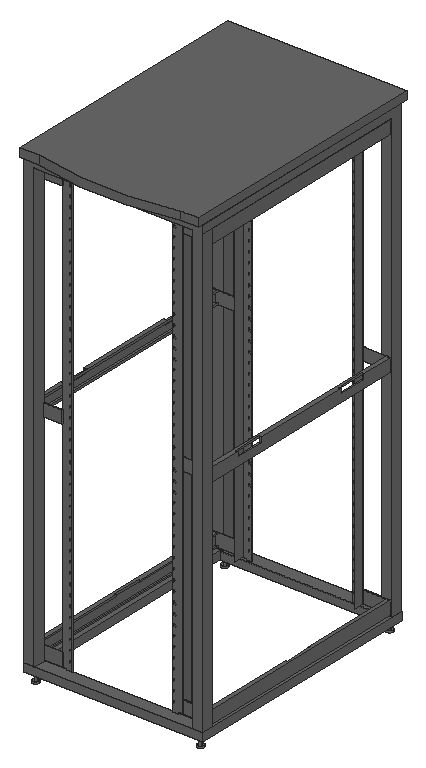
Revit family "V82A-45U-Without Doors-05.04.14", category Electrical Equipment, Revit 2013
Parameters (values of type "V82A-45U")
  Weight = 0.00 lbf
  Visibility Door Right [instance] = and(Side Panel Right, not(Hide Doors))  # no
  Visibility Door Left [instance] = and(Side Panel Left, not(Hide Doors))  # no
  Visibility Door Front [instance] = and(Door Front, not(Hide Doors))  # no
  Visibility Door Back [instance] = and(Door Back, not(Hide Doors))  # no
  Version = ""
  Usable Depth = 1006.00 mm
  U/M = "EA"
  U Space = "45"
  System = "VPOD"
  Side Panel Right = no
  Side Panel Left = no
  Serial Number = ""
  Segment = "CSS"
  Ports = 0
  Mounting rail 45 U = SIEMON STEEL
  Mounting Rail Material = SIEMON STEEL
  Model = "V82A"
  Metal = SIEMON STEEL
  Manufacturer = "SIEMON"
  Lock = ""
  Loaded/Empty = "N/A"
  Item Group = "RACKS"
  Item Class = "1F"
  Hide Doors [instance] = no
  Door Front = no
  Door Construction Side = if(and(Side Panel Right, Side Panel Left), 2, if(and(not(Side Panel Right), not(Side Panel Left)), 0, 1))  # 0
  Door Construction Front = ""
  Door Construction Back = ""
  Door Back = no
  Description = "WARNING: PLEASE RELOAD FAMILY USING THE TYPE CATALOG"
  Color = "BLACK"
  Cabinet Width Overall = 800.00 mm
  Cabinet Height = 2150.00 mm
  Cabinet Depth = 1200.00 mm
Reference planes
  plane 1 "Center (Front/Back)": y = 0
  plane 2: z = 0
  plane 3 "Center (Left/Right)": x = 0
  plane 4: z = 2011.4
  plane 5: z = 1966.95
  plane 6: z = 1922.5
  plane 7: z = 1878.05
  plane 8: z = 1833.6
  plane 9: z = 1789.15
  plane 10: z = 1744.7
  plane 11: z = 1700.25
  plane 12: z = 1655.8
  plane 13: z = 1611.35
  plane 14: z = 1566.9
  plane 15: z = 1522.45
  plane 16: z = 1478
  plane 17: z = 1433.55
  plane 18: z = 1389.1
  plane 19: z = 1344.65
  plane 20: z = 1300.2
  plane 21: z = 1255.75
  plane 22: z = 1211.3
  plane 23: z = 1166.85
  plane 24: z = 1122.4
  plane 25: z = 1077.95
  plane 26: z = 1033.5
  plane 27: z = 989.05
  plane 28: z = 944.6
  plane 29: z = 900.15
  plane 30: z = 855.7
  plane 31: z = 811.25
  plane 32: z = 766.8
  plane 33: z = 722.35
  plane 34: z = 677.9
  plane 35: z = 633.45
  plane 36: z = 589
  plane 37: z = 544.55
  plane 38: z = 500.1
  plane 39: z = 455.65
  plane 40: z = 411.2
  plane 41: z = 366.75
  plane 42: z = 322.3
  plane 43: z = 277.85
  plane 44: z = 233.4
  plane 45: z = 188.95
  plane 46: z = 144.5
  plane 47: z = 100.05
  plane 48: z = 2055.85
Forms (mm)
  Extrusion 1, solid, material "SIEMON STEEL" <- "Mounting rail 45 U"
    sketch origin (-0.234, -15, 10) x (1, 0, 0) y (0, 1, 0)
      loop
        line (501.3, 1185.014) -> (-298.7, 1185.014) -> (-298.7, 75) -> (501.3, 75) -> (501.3, 1185.014)
    from 2067.5 to 2098.45
  Extrusion 2, solid, material "SIEMON STEEL" <- "Mounting rail 45 U"
    sketch origin (-0.106, -90, 10) x (1, 0, 0) y (0, 1, 0)
      loop
        line (454.922, 202.733) -> (454.922, 150) -> (500.922, 150) -> (500.922, 202.733) -> (454.922, 202.733)
      loop
        line (-298.75, 202.733) -> (-298.75, 150) -> (-252.75, 150) -> (-252.75, 202.733) -> (-298.75, 202.733)
      loop
        line (501.172, 1207.872) -> (501.172, 1260) -> (455.163, 1260) -> (455.163, 1207.872) -> (501.172, 1207.872)
      loop
        line (-298.75, 1207.872) -> (-252.75, 1207.872) -> (-252.75, 1260) -> (-298.75, 1260) -> (-298.75, 1207.872)
    from 65.3 to 2067.5
  Extrusion 3, solid, material "SIEMON STEEL" <- "Mounting Rail Material"
    sketch origin (0.02, 0, 10) x (1, 0, 0) y (0, 1, 0)
      loop
        line (-298.72, 1170.014) -> (-298.72, 60) -> (501.366, 60) -> (501.366, 1170.014) -> (-298.72, 1170.014)
      loop
        line (-265, 1113.302) -> (-265, 116.7) -> (465, 116.7) -> (465, 1113.302) -> (-265, 1113.302)
    from 29.931 to 65.3
  Extrusion 4, solid, material "Cold rolled steel (CRS)", detail levels medium+fine
    sketch origin (179.665, 751.701, 0) x (1, 0, 0) y (0, 1, 0)
      loop
        circle (289.695, 392.503) r 15
    from 0 to 5.027
  Extrusion 5, solid
    sketch origin (319.561, 203.75, 0) x (1, 0, 0) y (0, 1, 0)
      loop
        circle (149.594, 940.281) r 6
    from 5.027 to 39.931
  Extrusion 6, solid, material "Cold rolled steel (CRS)", detail levels medium+fine
    sketch origin (759.046, 480.196, 0) x (-1, 0, 0) y (0, -1, 0)
      loop
        circle (289.695, 392.503) r 15
    from 0 to 5.027
  Extrusion 7, solid
    sketch origin (618.75, 1028.147, -0.001) x (-1, 0, 0) y (0, -1, 0)
      loop
        circle (149.594, 940.281) r 6
    from 5.028 to 39.931
  Extrusion 8, solid, material "SIEMON STEEL"
    sketch origin (0, -0.108, 10) x (1, 0, 0) y (0, 1, 0)
      loop
        line (-298.7, 37.656) -> (-214.7, 37.656)
        arc (-214.7, 37.656) -> (101.3, 0.156) -> (417.3, 37.656) r 1350.163
        line (417.3, 37.656) -> (501.3, 37.656) -> (501.3, 1200.156) -> (-298.7, 1200.156) -> (-298.7, 37.656)
    from 2102.5 to 2140
  Extrusion 9, solid, material "Cold rolled steel (CRS)", detail levels medium+fine
    sketch origin (23.022, 751.701, 0) x (-1, 0, 0) y (0, -1, 0)
      loop
        circle (289.695, -392.503) r 15
    from 0 to 5.027
  Extrusion 10, solid
    sketch origin (-116.874, 203.75, 0) x (-1, 0, 0) y (0, -1, 0)
      loop
        circle (149.594, -940.281) r 6
    from 5.027 to 39.931
  Extrusion 11, solid, material "Cold rolled steel (CRS)", detail levels medium+fine
    sketch origin (-556.36, 480.196, 0) x (1, 0, 0) y (0, 1, 0)
      loop
        circle (289.695, -392.503) r 15
    from 0 to 5.027
  Extrusion 12, solid
    sketch origin (-416.064, 1028.147, -0.001) x (1, 0, 0) y (0, 1, 0)
      loop
        circle (149.594, -940.281) r 6
    from 5.028 to 39.931
Cuts and joins
  joined: Extrusion 1, Extrusion 2
Lines and regions (mm)
  symbolic lines, detail levels fine
    curve 1: line (256.65, 1060, 61.35) -> (256.65, 1060, 65.3)
  model lines, detail levels coarse+fine
    curve 2: line (330.642, 819.199, 2152.227) -> (-126.77, 819.199, 2152.227)
    curve 3: line (334.645, 815.196, 2152.227) -> (330.642, 819.199, 2152.227)
    curve 4: circle (-51.247, 805.781, 2152.227) r 6.221 normal (0, 0, 1)
    curve 5: circle (259.43, 805.781, 2152.227) r 6.221 normal (0, 0, 1)
    curve 6: line (330.642, 653.922, 2152.227) -> (-126.77, 653.922, 2152.227)
    curve 7: line (-126.77, 653.922, 2152.227) -> (-130.773, 657.924, 2152.227)
    curve 8: line (-130.773, 657.924, 2152.227) -> (-130.773, 815.196, 2152.227)
    curve 9: line (334.645, 815.196, 2152.227) -> (334.645, 657.924, 2152.227)
    curve 10: line (334.645, 657.924, 2152.227) -> (330.642, 653.922, 2152.227)
    curve 11: circle (-51.247, 667.34, 2152.227) r 6.221 normal (0, 0, -1)
    curve 12: circle (259.43, 667.34, 2152.227) r 6.221 normal (0, 0, -1)
    curve 13: line (-130.773, 815.196, 2152.227) -> (-126.77, 819.199, 2152.227)
    curve 14: line (-187.208, 673.705, 2152.227) -> (-187.208, 1053.705, 2152.227)
    curve 15: line (-255.64, 1053.705, 2152.227) -> (-255.64, 673.705, 2152.227)
    curve 16: line (-252.64, 1053.705, 2152.227) -> (-252.64, 673.705, 2152.227)
    curve 17: line (-190.208, 673.705, 2152.227) -> (-190.208, 1053.705, 2152.227)
    curve 18: line (330.642, 628.887, 2152.227) -> (-126.77, 628.887, 2152.227)
    curve 19: line (334.645, 624.884, 2152.227) -> (330.642, 628.887, 2152.227)
    curve 20: circle (-51.247, 615.469, 2152.227) r 6.221 normal (0, 0, 1)
    curve 21: circle (259.43, 615.469, 2152.227) r 6.221 normal (0, 0, 1)
    curve 22: line (330.642, 463.609, 2152.227) -> (-126.77, 463.609, 2152.227)
    curve 23: line (-126.77, 463.609, 2152.227) -> (-130.773, 467.612, 2152.227)
    curve 24: line (-130.773, 467.612, 2152.227) -> (-130.773, 624.884, 2152.227)
    curve 25: line (334.645, 624.884, 2152.227) -> (334.645, 467.612, 2152.227)
    curve 26: line (334.645, 467.612, 2152.227) -> (330.642, 463.609, 2152.227)
    curve 27: circle (-51.247, 477.027, 2152.227) r 6.221 normal (0, 0, -1)
    curve 28: circle (259.43, 477.027, 2152.227) r 6.221 normal (0, 0, -1)
    curve 29: line (-130.773, 624.884, 2152.227) -> (-126.77, 628.887, 2152.227)
    curve 30: line (330.642, 281.699, 2152.227) -> (-126.77, 281.699, 2152.227)
    curve 31: line (334.645, 277.696, 2152.227) -> (330.642, 281.699, 2152.227)
    curve 32: circle (-51.247, 268.281, 2152.227) r 6.221 normal (0, 0, 1)
    curve 33: circle (259.43, 268.281, 2152.227) r 6.221 normal (0, 0, 1)
    curve 34: line (330.642, 116.422, 2152.227) -> (-126.77, 116.422, 2152.227)
    curve 35: line (-126.77, 116.422, 2152.227) -> (-130.773, 120.424, 2152.227)
    curve 36: line (-130.773, 120.424, 2152.227) -> (-130.773, 277.696, 2152.227)
    curve 37: line (334.645, 277.696, 2152.227) -> (334.645, 120.424, 2152.227)
    curve 38: line (334.645, 120.424, 2152.227) -> (330.642, 116.422, 2152.227)
    curve 39: circle (-51.247, 129.84, 2152.227) r 6.221 normal (0, 0, -1)
    curve 40: circle (259.43, 129.84, 2152.227) r 6.221 normal (0, 0, -1)
    curve 41: line (-130.773, 277.696, 2152.227) -> (-126.77, 281.699, 2152.227)
    curve 46: circle (-221.831, 1093.281, 2152.227) r 6.221 normal (0, 0, -1)
    curve 347: line (330.642, 1076.851, 2152.227) -> (-126.77, 1076.851, 2152.227)
    curve 348: line (334.645, 1072.849, 2152.227) -> (330.642, 1076.851, 2152.227)
    curve 349: circle (-51.247, 1063.433, 2152.227) r 6.221 normal (0, 0, 1)
    curve 350: circle (259.43, 1063.433, 2152.227) r 6.221 normal (0, 0, 1)
    curve 351: line (330.642, 911.574, 2152.227) -> (-126.77, 911.574, 2152.227)
    curve 352: line (-126.77, 911.574, 2152.227) -> (-130.773, 915.577, 2152.227)
    curve 353: line (-130.773, 915.577, 2152.227) -> (-130.773, 1072.849, 2152.227)
    curve 354: line (334.645, 1072.849, 2152.227) -> (334.645, 915.577, 2152.227)
    curve 355: line (334.645, 915.577, 2152.227) -> (330.642, 911.574, 2152.227)
    curve 356: circle (-51.247, 924.992, 2152.227) r 6.221 normal (0, 0, -1)
    curve 357: circle (259.43, 924.992, 2152.227) r 6.221 normal (0, 0, -1)
    curve 358: line (-130.773, 1072.849, 2152.227) -> (-126.77, 1076.851, 2152.227)
    curve 367: circle (-221.831, 174.316, 2152.227) r 6.221 normal (0, 0, 1)
    curve 440: line (389.808, 673.705, 2152.227) -> (389.808, 1053.705, 2152.227)
    curve 441: line (458.239, 1053.705, 2152.227) -> (458.239, 673.705, 2152.227)
    curve 442: line (455.239, 1053.705, 2152.227) -> (455.239, 673.705, 2152.227)
    curve 443: line (392.808, 673.705, 2152.227) -> (392.808, 1053.705, 2152.227)
    curve 448: circle (424.43, 1093.281, 2152.227) r 6.221 normal (0, 0, 1)
    curve 749: circle (424.43, 174.316, 2152.227) r 6.221 normal (0, 0, -1)
    curve 822: line (-187.208, 215.376, 2152.227) -> (-187.208, 595.376, 2152.227)
    curve 823: line (-255.64, 595.376, 2152.227) -> (-255.64, 215.376, 2152.227)
    curve 824: line (-252.64, 595.376, 2152.227) -> (-252.64, 215.376, 2152.227)
    curve 825: line (-190.208, 215.376, 2152.227) -> (-190.208, 595.376, 2152.227)
    curve 830: circle (-221.831, 634.952, 2152.227) r 6.221 normal (0, 0, -1)
    curve 831: line (389.808, 215.376, 2152.227) -> (389.808, 595.376, 2152.227)
    curve 832: line (458.239, 595.376, 2152.227) -> (458.239, 215.376, 2152.227)
    curve 833: line (455.239, 595.376, 2152.227) -> (455.239, 215.376, 2152.227)
    curve 834: line (392.808, 215.376, 2152.227) -> (392.808, 595.376, 2152.227)
    curve 839: circle (424.43, 634.952, 2152.227) r 6.221 normal (0, 0, 1)
  model lines
    curve 42: arc (-255.64, 1053.705, 2152.227) -> (-221.424, 1080.132, 2152.227) -> (-187.208, 1053.705, 2152.227) r 35.364
    curve 43: arc (-252.64, 1053.705, 2152.227) -> (-221.424, 1077.116, 2152.227) -> (-190.208, 1053.705, 2152.227) r 32.517
    curve 44: arc (-255.64, 673.705, 2152.227) -> (-221.424, 647.278, 2152.227) -> (-187.208, 673.705, 2152.227) r 35.364
    curve 45: arc (-252.64, 673.705, 2152.227) -> (-221.424, 650.294, 2152.227) -> (-190.208, 673.705, 2152.227) r 32.517
    curve 47: line (-268.89, 936.074, 2152.227) -> (-268.89, 939.074, 2152.227)
    curve 48: line (-268.89, 939.074, 2152.227) -> (-272.89, 939.074, 2152.227)
    curve 49: line (-272.89, 939.074, 2152.227) -> (-272.89, 941.074, 2152.227)
    curve 50: line (-272.89, 941.074, 2152.227) -> (-278.89, 941.074, 2152.227)
    curve 51: line (-282.89, 936.074, 2152.227) -> (-282.89, 939.074, 2152.227)
    curve 52: line (-282.89, 939.074, 2152.227) -> (-278.89, 939.074, 2152.227)
    curve 53: line (-278.89, 939.074, 2152.227) -> (-278.89, 941.074, 2152.227)
    curve 54: line (-268.89, 936.074, 2152.227) -> (-272.89, 936.074, 2152.227)
    curve 55: line (-272.89, 936.074, 2152.227) -> (-272.89, 934.074, 2152.227)
    curve 56: line (-272.89, 934.074, 2152.227) -> (-278.89, 934.074, 2152.227)
    curve 57: line (-282.89, 936.074, 2152.227) -> (-278.89, 936.074, 2152.227)
    curve 58: line (-278.89, 936.074, 2152.227) -> (-278.89, 934.074, 2152.227)
    curve 59: line (-268.89, 905.074, 2152.227) -> (-268.89, 902.074, 2152.227)
    curve 60: line (-268.89, 902.074, 2152.227) -> (-272.89, 902.074, 2152.227)
    curve 61: line (-272.89, 902.074, 2152.227) -> (-272.89, 900.074, 2152.227)
    curve 62: line (-272.89, 900.074, 2152.227) -> (-278.89, 900.074, 2152.227)
    curve 63: line (-282.89, 905.074, 2152.227) -> (-282.89, 902.074, 2152.227)
    curve 64: line (-282.89, 902.074, 2152.227) -> (-278.89, 902.074, 2152.227)
    curve 65: line (-278.89, 902.074, 2152.227) -> (-278.89, 900.074, 2152.227)
    curve 66: line (-268.89, 905.074, 2152.227) -> (-272.89, 905.074, 2152.227)
    curve 67: line (-272.89, 905.074, 2152.227) -> (-272.89, 907.074, 2152.227)
    curve 68: line (-272.89, 907.074, 2152.227) -> (-278.89, 907.074, 2152.227)
    curve 69: line (-282.89, 905.074, 2152.227) -> (-278.89, 905.074, 2152.227)
    curve 70: line (-278.89, 905.074, 2152.227) -> (-278.89, 907.074, 2152.227)
    curve 71: line (-268.89, 868.074, 2152.227) -> (-268.89, 871.074, 2152.227)
    curve 72: line (-268.89, 871.074, 2152.227) -> (-272.89, 871.074, 2152.227)
    curve 73: line (-272.89, 871.074, 2152.227) -> (-272.89, 873.074, 2152.227)
    curve 74: line (-272.89, 873.074, 2152.227) -> (-278.89, 873.074, 2152.227)
    curve 75: line (-282.89, 868.074, 2152.227) -> (-282.89, 871.074, 2152.227)
    curve 76: line (-282.89, 871.074, 2152.227) -> (-278.89, 871.074, 2152.227)
    curve 77: line (-278.89, 871.074, 2152.227) -> (-278.89, 873.074, 2152.227)
    curve 78: line (-268.89, 868.074, 2152.227) -> (-272.89, 868.074, 2152.227)
    curve 79: line (-272.89, 868.074, 2152.227) -> (-272.89, 866.074, 2152.227)
    curve 80: line (-272.89, 866.074, 2152.227) -> (-278.89, 866.074, 2152.227)
    curve 81: line (-282.89, 868.074, 2152.227) -> (-278.89, 868.074, 2152.227)
    curve 82: line (-278.89, 868.074, 2152.227) -> (-278.89, 866.074, 2152.227)
    curve 83: line (-268.89, 800.074, 2152.227) -> (-268.89, 803.074, 2152.227)
    curve 84: line (-268.89, 803.074, 2152.227) -> (-272.89, 803.074, 2152.227)
    curve 85: line (-272.89, 803.074, 2152.227) -> (-272.89, 805.074, 2152.227)
    curve 86: line (-272.89, 805.074, 2152.227) -> (-278.89, 805.074, 2152.227)
    curve 87: line (-282.89, 800.074, 2152.227) -> (-282.89, 803.074, 2152.227)
    curve 88: line (-282.89, 803.074, 2152.227) -> (-278.89, 803.074, 2152.227)
    curve 89: line (-278.89, 803.074, 2152.227) -> (-278.89, 805.074, 2152.227)
    curve 90: line (-268.89, 800.074, 2152.227) -> (-272.89, 800.074, 2152.227)
    curve 91: line (-272.89, 800.074, 2152.227) -> (-272.89, 798.074, 2152.227)
    curve 92: line (-272.89, 798.074, 2152.227) -> (-278.89, 798.074, 2152.227)
    curve 93: line (-282.89, 800.074, 2152.227) -> (-278.89, 800.074, 2152.227)
    curve 94: line (-278.89, 800.074, 2152.227) -> (-278.89, 798.074, 2152.227)
    curve 95: line (-268.89, 837.074, 2152.227) -> (-268.89, 834.074, 2152.227)
    curve 96: line (-268.89, 834.074, 2152.227) -> (-272.89, 834.074, 2152.227)
    curve 97: line (-272.89, 834.074, 2152.227) -> (-272.89, 832.074, 2152.227)
    curve 98: line (-272.89, 832.074, 2152.227) -> (-278.89, 832.074, 2152.227)
    curve 99: line (-282.89, 837.074, 2152.227) -> (-282.89, 834.074, 2152.227)
    curve 100: line (-282.89, 834.074, 2152.227) -> (-278.89, 834.074, 2152.227)
    curve 101: line (-278.89, 834.074, 2152.227) -> (-278.89, 832.074, 2152.227)
    curve 102: line (-268.89, 837.074, 2152.227) -> (-272.89, 837.074, 2152.227)
    curve 103: line (-272.89, 837.074, 2152.227) -> (-272.89, 839.074, 2152.227)
    curve 104: line (-272.89, 839.074, 2152.227) -> (-278.89, 839.074, 2152.227)
    curve 105: line (-282.89, 837.074, 2152.227) -> (-278.89, 837.074, 2152.227)
    curve 106: line (-278.89, 837.074, 2152.227) -> (-278.89, 839.074, 2152.227)
    curve 107: line (-268.89, 701.074, 2152.227) -> (-268.89, 698.074, 2152.227)
    curve 108: line (-268.89, 698.074, 2152.227) -> (-272.89, 698.074, 2152.227)
    curve 109: line (-272.89, 698.074, 2152.227) -> (-272.89, 696.074, 2152.227)
    curve 110: line (-272.89, 696.074, 2152.227) -> (-278.89, 696.074, 2152.227)
    curve 111: line (-282.89, 701.074, 2152.227) -> (-282.89, 698.074, 2152.227)
    curve 112: line (-282.89, 698.074, 2152.227) -> (-278.89, 698.074, 2152.227)
    curve 113: line (-278.89, 698.074, 2152.227) -> (-278.89, 696.074, 2152.227)
    curve 114: line (-268.89, 701.074, 2152.227) -> (-272.89, 701.074, 2152.227)
    curve 115: line (-272.89, 701.074, 2152.227) -> (-272.89, 703.074, 2152.227)
    curve 116: line (-272.89, 703.074, 2152.227) -> (-278.89, 703.074, 2152.227)
    curve 117: line (-282.89, 701.074, 2152.227) -> (-278.89, 701.074, 2152.227)
    curve 118: line (-278.89, 701.074, 2152.227) -> (-278.89, 703.074, 2152.227)
    curve 119: line (-268.89, 769.074, 2152.227) -> (-268.89, 766.074, 2152.227)
    curve 120: line (-268.89, 766.074, 2152.227) -> (-272.89, 766.074, 2152.227)
    curve 121: line (-272.89, 766.074, 2152.227) -> (-272.89, 764.074, 2152.227)
    curve 122: line (-272.89, 764.074, 2152.227) -> (-278.89, 764.074, 2152.227)
    curve 123: line (-282.89, 769.074, 2152.227) -> (-282.89, 766.074, 2152.227)
    curve 124: line (-282.89, 766.074, 2152.227) -> (-278.89, 766.074, 2152.227)
    curve 125: line (-278.89, 766.074, 2152.227) -> (-278.89, 764.074, 2152.227)
    curve 126: line (-268.89, 769.074, 2152.227) -> (-272.89, 769.074, 2152.227)
    curve 127: line (-272.89, 769.074, 2152.227) -> (-272.89, 771.074, 2152.227)
    curve 128: line (-272.89, 771.074, 2152.227) -> (-278.89, 771.074, 2152.227)
    curve 129: line (-282.89, 769.074, 2152.227) -> (-278.89, 769.074, 2152.227)
    curve 130: line (-278.89, 769.074, 2152.227) -> (-278.89, 771.074, 2152.227)
    curve 131: line (-268.89, 732.074, 2152.227) -> (-268.89, 735.074, 2152.227)
    curve 132: line (-268.89, 735.074, 2152.227) -> (-272.89, 735.074, 2152.227)
    curve 133: line (-272.89, 735.074, 2152.227) -> (-272.89, 737.074, 2152.227)
    curve 134: line (-272.89, 737.074, 2152.227) -> (-278.89, 737.074, 2152.227)
    curve 135: line (-282.89, 732.074, 2152.227) -> (-282.89, 735.074, 2152.227)
    curve 136: line (-282.89, 735.074, 2152.227) -> (-278.89, 735.074, 2152.227)
    curve 137: line (-278.89, 735.074, 2152.227) -> (-278.89, 737.074, 2152.227)
    curve 138: line (-268.89, 732.074, 2152.227) -> (-272.89, 732.074, 2152.227)
    curve 139: line (-272.89, 732.074, 2152.227) -> (-272.89, 730.074, 2152.227)
    curve 140: line (-272.89, 730.074, 2152.227) -> (-278.89, 730.074, 2152.227)
    curve 141: line (-282.89, 732.074, 2152.227) -> (-278.89, 732.074, 2152.227)
    curve 142: line (-278.89, 732.074, 2152.227) -> (-278.89, 730.074, 2152.227)
    curve 143: line (-268.89, 460.074, 2152.227) -> (-268.89, 463.074, 2152.227)
    curve 144: line (-268.89, 463.074, 2152.227) -> (-272.89, 463.074, 2152.227)
    curve 145: line (-272.89, 463.074, 2152.227) -> (-272.89, 465.074, 2152.227)
    curve 146: line (-272.89, 465.074, 2152.227) -> (-278.89, 465.074, 2152.227)
    curve 147: line (-282.89, 460.074, 2152.227) -> (-282.89, 463.074, 2152.227)
    curve 148: line (-282.89, 463.074, 2152.227) -> (-278.89, 463.074, 2152.227)
    curve 149: line (-278.89, 463.074, 2152.227) -> (-278.89, 465.074, 2152.227)
    curve 150: line (-268.89, 460.074, 2152.227) -> (-272.89, 460.074, 2152.227)
    curve 151: line (-272.89, 460.074, 2152.227) -> (-272.89, 458.074, 2152.227)
    curve 152: line (-272.89, 458.074, 2152.227) -> (-278.89, 458.074, 2152.227)
    curve 153: line (-282.89, 460.074, 2152.227) -> (-278.89, 460.074, 2152.227)
    curve 154: line (-278.89, 460.074, 2152.227) -> (-278.89, 458.074, 2152.227)
    curve 155: line (-268.89, 497.074, 2152.227) -> (-268.89, 494.074, 2152.227)
    curve 156: line (-268.89, 494.074, 2152.227) -> (-272.89, 494.074, 2152.227)
    curve 157: line (-272.89, 494.074, 2152.227) -> (-272.89, 492.074, 2152.227)
    curve 158: line (-272.89, 492.074, 2152.227) -> (-278.89, 492.074, 2152.227)
    curve 159: line (-282.89, 497.074, 2152.227) -> (-282.89, 494.074, 2152.227)
    curve 160: line (-282.89, 494.074, 2152.227) -> (-278.89, 494.074, 2152.227)
    curve 161: line (-278.89, 494.074, 2152.227) -> (-278.89, 492.074, 2152.227)
    curve 162: line (-268.89, 497.074, 2152.227) -> (-272.89, 497.074, 2152.227)
    curve 163: line (-272.89, 497.074, 2152.227) -> (-272.89, 499.074, 2152.227)
    curve 164: line (-272.89, 499.074, 2152.227) -> (-278.89, 499.074, 2152.227)
    curve 165: line (-282.89, 497.074, 2152.227) -> (-278.89, 497.074, 2152.227)
    curve 166: line (-278.89, 497.074, 2152.227) -> (-278.89, 499.074, 2152.227)
    curve 167: line (-268.89, 565.074, 2152.227) -> (-268.89, 562.074, 2152.227)
    curve 168: line (-268.89, 562.074, 2152.227) -> (-272.89, 562.074, 2152.227)
    curve 169: line (-272.89, 562.074, 2152.227) -> (-272.89, 560.074, 2152.227)
    curve 170: line (-272.89, 560.074, 2152.227) -> (-278.89, 560.074, 2152.227)
    curve 171: line (-282.89, 565.074, 2152.227) -> (-282.89, 562.074, 2152.227)
    curve 172: line (-282.89, 562.074, 2152.227) -> (-278.89, 562.074, 2152.227)
    curve 173: line (-278.89, 562.074, 2152.227) -> (-278.89, 560.074, 2152.227)
    curve 174: line (-268.89, 565.074, 2152.227) -> (-272.89, 565.074, 2152.227)
    curve 175: line (-272.89, 565.074, 2152.227) -> (-272.89, 567.074, 2152.227)
    curve 176: line (-272.89, 567.074, 2152.227) -> (-278.89, 567.074, 2152.227)
    curve 177: line (-282.89, 565.074, 2152.227) -> (-278.89, 565.074, 2152.227)
    curve 178: line (-278.89, 565.074, 2152.227) -> (-278.89, 567.074, 2152.227)
    curve 179: line (-268.89, 528.074, 2152.227) -> (-268.89, 531.074, 2152.227)
    curve 180: line (-268.89, 531.074, 2152.227) -> (-272.89, 531.074, 2152.227)
    curve 181: line (-272.89, 531.074, 2152.227) -> (-272.89, 533.074, 2152.227)
    curve 182: line (-272.89, 533.074, 2152.227) -> (-278.89, 533.074, 2152.227)
    curve 183: line (-282.89, 528.074, 2152.227) -> (-282.89, 531.074, 2152.227)
    curve 184: line (-282.89, 531.074, 2152.227) -> (-278.89, 531.074, 2152.227)
    curve 185: line (-278.89, 531.074, 2152.227) -> (-278.89, 533.074, 2152.227)
    curve 186: line (-268.89, 528.074, 2152.227) -> (-272.89, 528.074, 2152.227)
    curve 187: line (-272.89, 528.074, 2152.227) -> (-272.89, 526.074, 2152.227)
    curve 188: line (-272.89, 526.074, 2152.227) -> (-278.89, 526.074, 2152.227)
    curve 189: line (-282.89, 528.074, 2152.227) -> (-278.89, 528.074, 2152.227)
    curve 190: line (-278.89, 528.074, 2152.227) -> (-278.89, 526.074, 2152.227)
    curve 191: line (-268.89, 664.074, 2152.227) -> (-268.89, 667.074, 2152.227)
    curve 192: line (-268.89, 667.074, 2152.227) -> (-272.89, 667.074, 2152.227)
    curve 193: line (-272.89, 667.074, 2152.227) -> (-272.89, 669.074, 2152.227)
    curve 194: line (-272.89, 669.074, 2152.227) -> (-278.89, 669.074, 2152.227)
    curve 195: line (-282.89, 664.074, 2152.227) -> (-282.89, 667.074, 2152.227)
    curve 196: line (-282.89, 667.074, 2152.227) -> (-278.89, 667.074, 2152.227)
    curve 197: line (-278.89, 667.074, 2152.227) -> (-278.89, 669.074, 2152.227)
    curve 198: line (-268.89, 664.074, 2152.227) -> (-272.89, 664.074, 2152.227)
    curve 199: line (-272.89, 664.074, 2152.227) -> (-272.89, 662.074, 2152.227)
    curve 200: line (-272.89, 662.074, 2152.227) -> (-278.89, 662.074, 2152.227)
    curve 201: line (-282.89, 664.074, 2152.227) -> (-278.89, 664.074, 2152.227)
    curve 202: line (-278.89, 664.074, 2152.227) -> (-278.89, 662.074, 2152.227)
    curve 203: line (-268.89, 596.074, 2152.227) -> (-268.89, 599.074, 2152.227)
    curve 204: line (-268.89, 599.074, 2152.227) -> (-272.89, 599.074, 2152.227)
    curve 205: line (-272.89, 599.074, 2152.227) -> (-272.89, 601.074, 2152.227)
    curve 206: line (-272.89, 601.074, 2152.227) -> (-278.89, 601.074, 2152.227)
    curve 207: line (-282.89, 596.074, 2152.227) -> (-282.89, 599.074, 2152.227)
    curve 208: line (-282.89, 599.074, 2152.227) -> (-278.89, 599.074, 2152.227)
    curve 209: line (-278.89, 599.074, 2152.227) -> (-278.89, 601.074, 2152.227)
    curve 210: line (-268.89, 596.074, 2152.227) -> (-272.89, 596.074, 2152.227)
    curve 211: line (-272.89, 596.074, 2152.227) -> (-272.89, 594.074, 2152.227)
    curve 212: line (-272.89, 594.074, 2152.227) -> (-278.89, 594.074, 2152.227)
    curve 213: line (-282.89, 596.074, 2152.227) -> (-278.89, 596.074, 2152.227)
    curve 214: line (-278.89, 596.074, 2152.227) -> (-278.89, 594.074, 2152.227)
    curve 215: line (-268.89, 633.074, 2152.227) -> (-268.89, 630.074, 2152.227)
    curve 216: line (-268.89, 630.074, 2152.227) -> (-272.89, 630.074, 2152.227)
    curve 217: line (-272.89, 630.074, 2152.227) -> (-272.89, 628.074, 2152.227)
    curve 218: line (-272.89, 628.074, 2152.227) -> (-278.89, 628.074, 2152.227)
    curve 219: line (-282.89, 633.074, 2152.227) -> (-282.89, 630.074, 2152.227)
    curve 220: line (-282.89, 630.074, 2152.227) -> (-278.89, 630.074, 2152.227)
    curve 221: line (-278.89, 630.074, 2152.227) -> (-278.89, 628.074, 2152.227)
    curve 222: line (-268.89, 633.074, 2152.227) -> (-272.89, 633.074, 2152.227)
    curve 223: line (-272.89, 633.074, 2152.227) -> (-272.89, 635.074, 2152.227)
    curve 224: line (-272.89, 635.074, 2152.227) -> (-278.89, 635.074, 2152.227)
    curve 225: line (-282.89, 633.074, 2152.227) -> (-278.89, 633.074, 2152.227)
    curve 226: line (-278.89, 633.074, 2152.227) -> (-278.89, 635.074, 2152.227)
    curve 227: line (-268.89, 188.074, 2152.227) -> (-268.89, 191.074, 2152.227)
    curve 228: line (-268.89, 191.074, 2152.227) -> (-272.89, 191.074, 2152.227)
    curve 229: line (-272.89, 191.074, 2152.227) -> (-272.89, 193.074, 2152.227)
    curve 230: line (-272.89, 193.074, 2152.227) -> (-278.89, 193.074, 2152.227)
    curve 231: line (-282.89, 188.074, 2152.227) -> (-282.89, 191.074, 2152.227)
    curve 232: line (-282.89, 191.074, 2152.227) -> (-278.89, 191.074, 2152.227)
    curve 233: line (-278.89, 191.074, 2152.227) -> (-278.89, 193.074, 2152.227)
    curve 234: line (-268.89, 188.074, 2152.227) -> (-272.89, 188.074, 2152.227)
    curve 235: line (-272.89, 188.074, 2152.227) -> (-272.89, 186.074, 2152.227)
    curve 236: line (-272.89, 186.074, 2152.227) -> (-278.89, 186.074, 2152.227)
    curve 237: line (-282.89, 188.074, 2152.227) -> (-278.89, 188.074, 2152.227)
    curve 238: line (-278.89, 188.074, 2152.227) -> (-278.89, 186.074, 2152.227)
    curve 239: line (-268.89, 120.074, 2152.227) -> (-268.89, 123.074, 2152.227)
    curve 240: line (-268.89, 123.074, 2152.227) -> (-272.89, 123.074, 2152.227)
    curve 241: line (-272.89, 123.074, 2152.227) -> (-272.89, 125.074, 2152.227)
    curve 242: line (-272.89, 125.074, 2152.227) -> (-278.89, 125.074, 2152.227)
    curve 243: line (-282.89, 120.074, 2152.227) -> (-282.89, 123.074, 2152.227)
    curve 244: line (-282.89, 123.074, 2152.227) -> (-278.89, 123.074, 2152.227)
    curve 245: line (-278.89, 123.074, 2152.227) -> (-278.89, 125.074, 2152.227)
    curve 246: line (-268.89, 120.074, 2152.227) -> (-272.89, 120.074, 2152.227)
    curve 247: line (-272.89, 120.074, 2152.227) -> (-272.89, 118.074, 2152.227)
    curve 248: line (-272.89, 118.074, 2152.227) -> (-278.89, 118.074, 2152.227)
    curve 249: line (-282.89, 120.074, 2152.227) -> (-278.89, 120.074, 2152.227)
    curve 250: line (-278.89, 120.074, 2152.227) -> (-278.89, 118.074, 2152.227)
    curve 251: line (-268.89, 157.074, 2152.227) -> (-268.89, 154.074, 2152.227)
    curve 252: line (-268.89, 154.074, 2152.227) -> (-272.89, 154.074, 2152.227)
    curve 253: line (-272.89, 154.074, 2152.227) -> (-272.89, 152.074, 2152.227)
    curve 254: line (-272.89, 152.074, 2152.227) -> (-278.89, 152.074, 2152.227)
    curve 255: line (-282.89, 157.074, 2152.227) -> (-282.89, 154.074, 2152.227)
    curve 256: line (-282.89, 154.074, 2152.227) -> (-278.89, 154.074, 2152.227)
    curve 257: line (-278.89, 154.074, 2152.227) -> (-278.89, 152.074, 2152.227)
    curve 258: line (-268.89, 157.074, 2152.227) -> (-272.89, 157.074, 2152.227)
    curve 259: line (-272.89, 157.074, 2152.227) -> (-272.89, 159.074, 2152.227)
    curve 260: line (-272.89, 159.074, 2152.227) -> (-278.89, 159.074, 2152.227)
    curve 261: line (-282.89, 157.074, 2152.227) -> (-278.89, 157.074, 2152.227)
    curve 262: line (-278.89, 157.074, 2152.227) -> (-278.89, 159.074, 2152.227)
    curve 263: line (-268.89, 429.074, 2152.227) -> (-268.89, 426.074, 2152.227)
    curve 264: line (-268.89, 426.074, 2152.227) -> (-272.89, 426.074, 2152.227)
    curve 265: line (-272.89, 426.074, 2152.227) -> (-272.89, 424.074, 2152.227)
    curve 266: line (-272.89, 424.074, 2152.227) -> (-278.89, 424.074, 2152.227)
    curve 267: line (-282.89, 429.074, 2152.227) -> (-282.89, 426.074, 2152.227)
    curve 268: line (-282.89, 426.074, 2152.227) -> (-278.89, 426.074, 2152.227)
    curve 269: line (-278.89, 426.074, 2152.227) -> (-278.89, 424.074, 2152.227)
    curve 270: line (-268.89, 429.074, 2152.227) -> (-272.89, 429.074, 2152.227)
    curve 271: line (-272.89, 429.074, 2152.227) -> (-272.89, 431.074, 2152.227)
    curve 272: line (-272.89, 431.074, 2152.227) -> (-278.89, 431.074, 2152.227)
    curve 273: line (-282.89, 429.074, 2152.227) -> (-278.89, 429.074, 2152.227)
    curve 274: line (-278.89, 429.074, 2152.227) -> (-278.89, 431.074, 2152.227)
    curve 275: line (-268.89, 392.074, 2152.227) -> (-268.89, 395.074, 2152.227)
    curve 276: line (-268.89, 395.074, 2152.227) -> (-272.89, 395.074, 2152.227)
    curve 277: line (-272.89, 395.074, 2152.227) -> (-272.89, 397.074, 2152.227)
    curve 278: line (-272.89, 397.074, 2152.227) -> (-278.89, 397.074, 2152.227)
    curve 279: line (-282.89, 392.074, 2152.227) -> (-282.89, 395.074, 2152.227)
    curve 280: line (-282.89, 395.074, 2152.227) -> (-278.89, 395.074, 2152.227)
    curve 281: line (-278.89, 395.074, 2152.227) -> (-278.89, 397.074, 2152.227)
    curve 282: line (-268.89, 392.074, 2152.227) -> (-272.89, 392.074, 2152.227)
    curve 283: line (-272.89, 392.074, 2152.227) -> (-272.89, 390.074, 2152.227)
    curve 284: line (-272.89, 390.074, 2152.227) -> (-278.89, 390.074, 2152.227)
    curve 285: line (-282.89, 392.074, 2152.227) -> (-278.89, 392.074, 2152.227)
    curve 286: line (-278.89, 392.074, 2152.227) -> (-278.89, 390.074, 2152.227)
    curve 287: line (-268.89, 324.074, 2152.227) -> (-268.89, 327.074, 2152.227)
    curve 288: line (-268.89, 327.074, 2152.227) -> (-272.89, 327.074, 2152.227)
    curve 289: line (-272.89, 327.074, 2152.227) -> (-272.89, 329.074, 2152.227)
    curve 290: line (-272.89, 329.074, 2152.227) -> (-278.89, 329.074, 2152.227)
    curve 291: line (-282.89, 324.074, 2152.227) -> (-282.89, 327.074, 2152.227)
    curve 292: line (-282.89, 327.074, 2152.227) -> (-278.89, 327.074, 2152.227)
    curve 293: line (-278.89, 327.074, 2152.227) -> (-278.89, 329.074, 2152.227)
    curve 294: line (-268.89, 324.074, 2152.227) -> (-272.89, 324.074, 2152.227)
    curve 295: line (-272.89, 324.074, 2152.227) -> (-272.89, 322.074, 2152.227)
    curve 296: line (-272.89, 322.074, 2152.227) -> (-278.89, 322.074, 2152.227)
    curve 297: line (-282.89, 324.074, 2152.227) -> (-278.89, 324.074, 2152.227)
    curve 298: line (-278.89, 324.074, 2152.227) -> (-278.89, 322.074, 2152.227)
    curve 299: line (-268.89, 361.074, 2152.227) -> (-268.89, 358.074, 2152.227)
    curve 300: line (-268.89, 358.074, 2152.227) -> (-272.89, 358.074, 2152.227)
    curve 301: line (-272.89, 358.074, 2152.227) -> (-272.89, 356.074, 2152.227)
    curve 302: line (-272.89, 356.074, 2152.227) -> (-278.89, 356.074, 2152.227)
    curve 303: line (-282.89, 361.074, 2152.227) -> (-282.89, 358.074, 2152.227)
    curve 304: line (-282.89, 358.074, 2152.227) -> (-278.89, 358.074, 2152.227)
    curve 305: line (-278.89, 358.074, 2152.227) -> (-278.89, 356.074, 2152.227)
    curve 306: line (-268.89, 361.074, 2152.227) -> (-272.89, 361.074, 2152.227)
    curve 307: line (-272.89, 361.074, 2152.227) -> (-272.89, 363.074, 2152.227)
    curve 308: line (-272.89, 363.074, 2152.227) -> (-278.89, 363.074, 2152.227)
    curve 309: line (-282.89, 361.074, 2152.227) -> (-278.89, 361.074, 2152.227)
    curve 310: line (-278.89, 361.074, 2152.227) -> (-278.89, 363.074, 2152.227)
    curve 311: line (-268.89, 225.074, 2152.227) -> (-268.89, 222.074, 2152.227)
    curve 312: line (-268.89, 222.074, 2152.227) -> (-272.89, 222.074, 2152.227)
    curve 313: line (-272.89, 222.074, 2152.227) -> (-272.89, 220.074, 2152.227)
    curve 314: line (-272.89, 220.074, 2152.227) -> (-278.89, 220.074, 2152.227)
    curve 315: line (-282.89, 225.074, 2152.227) -> (-282.89, 222.074, 2152.227)
    curve 316: line (-282.89, 222.074, 2152.227) -> (-278.89, 222.074, 2152.227)
    curve 317: line (-278.89, 222.074, 2152.227) -> (-278.89, 220.074, 2152.227)
    curve 318: line (-268.89, 225.074, 2152.227) -> (-272.89, 225.074, 2152.227)
    curve 319: line (-272.89, 225.074, 2152.227) -> (-272.89, 227.074, 2152.227)
    curve 320: line (-272.89, 227.074, 2152.227) -> (-278.89, 227.074, 2152.227)
    curve 321: line (-282.89, 225.074, 2152.227) -> (-278.89, 225.074, 2152.227)
    curve 322: line (-278.89, 225.074, 2152.227) -> (-278.89, 227.074, 2152.227)
    curve 323: line (-268.89, 293.074, 2152.227) -> (-268.89, 290.074, 2152.227)
    curve 324: line (-268.89, 290.074, 2152.227) -> (-272.89, 290.074, 2152.227)
    curve 325: line (-272.89, 290.074, 2152.227) -> (-272.89, 288.074, 2152.227)
    curve 326: line (-272.89, 288.074, 2152.227) -> (-278.89, 288.074, 2152.227)
    curve 327: line (-282.89, 293.074, 2152.227) -> (-282.89, 290.074, 2152.227)
    curve 328: line (-282.89, 290.074, 2152.227) -> (-278.89, 290.074, 2152.227)
    curve 329: line (-278.89, 290.074, 2152.227) -> (-278.89, 288.074, 2152.227)
    curve 330: line (-268.89, 293.074, 2152.227) -> (-272.89, 293.074, 2152.227)
    curve 331: line (-272.89, 293.074, 2152.227) -> (-272.89, 295.074, 2152.227)
    curve 332: line (-272.89, 295.074, 2152.227) -> (-278.89, 295.074, 2152.227)
    curve 333: line (-282.89, 293.074, 2152.227) -> (-278.89, 293.074, 2152.227)
    curve 334: line (-278.89, 293.074, 2152.227) -> (-278.89, 295.074, 2152.227)
    curve 335: line (-268.89, 256.074, 2152.227) -> (-268.89, 259.074, 2152.227)
    curve 336: line (-268.89, 259.074, 2152.227) -> (-272.89, 259.074, 2152.227)
    curve 337: line (-272.89, 259.074, 2152.227) -> (-272.89, 261.074, 2152.227)
    curve 338: line (-272.89, 261.074, 2152.227) -> (-278.89, 261.074, 2152.227)
    curve 339: line (-282.89, 256.074, 2152.227) -> (-282.89, 259.074, 2152.227)
    curve 340: line (-282.89, 259.074, 2152.227) -> (-278.89, 259.074, 2152.227)
    curve 341: line (-278.89, 259.074, 2152.227) -> (-278.89, 261.074, 2152.227)
    curve 342: line (-268.89, 256.074, 2152.227) -> (-272.89, 256.074, 2152.227)
    curve 343: line (-272.89, 256.074, 2152.227) -> (-272.89, 254.074, 2152.227)
    curve 344: line (-272.89, 254.074, 2152.227) -> (-278.89, 254.074, 2152.227)
    curve 345: line (-282.89, 256.074, 2152.227) -> (-278.89, 256.074, 2152.227)
    curve 346: line (-278.89, 256.074, 2152.227) -> (-278.89, 254.074, 2152.227)
    curve 359: line (-119.593, 1111.548, 2152.227) -> (323.466, 1111.548, 2152.227)
    curve 360: line (-178.773, 1052.368, 2152.227) -> (-178.773, 488.091, 2152.227)
    curve 361: line (-119.911, 429.23, 2152.227) -> (323.784, 429.23, 2152.227)
    curve 362: line (379.587, 1055.427, 2152.227) -> (379.587, 485.034, 2152.227)
    curve 363: line (-119.593, 1111.548, 2152.227) -> (-178.773, 1052.368, 2152.227)
    curve 364: line (323.466, 1111.548, 2152.227) -> (379.587, 1055.427, 2152.227)
    curve 365: line (-119.911, 429.23, 2152.227) -> (-178.773, 488.091, 2152.227)
    curve 366: line (323.784, 429.23, 2152.227) -> (379.587, 485.034, 2152.227)
    curve 368: line (-268.89, 973.074, 2152.227) -> (-268.89, 970.074, 2152.227)
    curve 369: line (-268.89, 970.074, 2152.227) -> (-272.89, 970.074, 2152.227)
    curve 370: line (-272.89, 970.074, 2152.227) -> (-272.89, 968.074, 2152.227)
    curve 371: line (-272.89, 968.074, 2152.227) -> (-278.89, 968.074, 2152.227)
    curve 372: line (-282.89, 973.074, 2152.227) -> (-282.89, 970.074, 2152.227)
    curve 373: line (-282.89, 970.074, 2152.227) -> (-278.89, 970.074, 2152.227)
    curve 374: line (-278.89, 970.074, 2152.227) -> (-278.89, 968.074, 2152.227)
    curve 375: line (-268.89, 973.074, 2152.227) -> (-272.89, 973.074, 2152.227)
    curve 376: line (-272.89, 973.074, 2152.227) -> (-272.89, 975.074, 2152.227)
    curve 377: line (-272.89, 975.074, 2152.227) -> (-278.89, 975.074, 2152.227)
    curve 378: line (-282.89, 973.074, 2152.227) -> (-278.89, 973.074, 2152.227)
    curve 379: line (-278.89, 973.074, 2152.227) -> (-278.89, 975.074, 2152.227)
    curve 380: line (-268.89, 1004.074, 2152.227) -> (-268.89, 1007.074, 2152.227)
    curve 381: line (-268.89, 1007.074, 2152.227) -> (-272.89, 1007.074, 2152.227)
    curve 382: line (-272.89, 1007.074, 2152.227) -> (-272.89, 1009.074, 2152.227)
    curve 383: line (-272.89, 1009.074, 2152.227) -> (-278.89, 1009.074, 2152.227)
    curve 384: line (-282.89, 1004.074, 2152.227) -> (-282.89, 1007.074, 2152.227)
    curve 385: line (-282.89, 1007.074, 2152.227) -> (-278.89, 1007.074, 2152.227)
    curve 386: line (-278.89, 1007.074, 2152.227) -> (-278.89, 1009.074, 2152.227)
    curve 387: line (-268.89, 1004.074, 2152.227) -> (-272.89, 1004.074, 2152.227)
    curve 388: line (-272.89, 1004.074, 2152.227) -> (-272.89, 1002.074, 2152.227)
    curve 389: line (-272.89, 1002.074, 2152.227) -> (-278.89, 1002.074, 2152.227)
    curve 390: line (-282.89, 1004.074, 2152.227) -> (-278.89, 1004.074, 2152.227)
    curve 391: line (-278.89, 1004.074, 2152.227) -> (-278.89, 1002.074, 2152.227)
    curve 392: line (-268.89, 1072.074, 2152.227) -> (-268.89, 1075.074, 2152.227)
    curve 393: line (-268.89, 1075.074, 2152.227) -> (-272.89, 1075.074, 2152.227)
    curve 394: line (-272.89, 1075.074, 2152.227) -> (-272.89, 1077.074, 2152.227)
    curve 395: line (-272.89, 1077.074, 2152.227) -> (-278.89, 1077.074, 2152.227)
    curve 396: line (-282.89, 1072.074, 2152.227) -> (-282.89, 1075.074, 2152.227)
    curve 397: line (-282.89, 1075.074, 2152.227) -> (-278.89, 1075.074, 2152.227)
    curve 398: line (-278.89, 1075.074, 2152.227) -> (-278.89, 1077.074, 2152.227)
    curve 399: line (-268.89, 1072.074, 2152.227) -> (-272.89, 1072.074, 2152.227)
    curve 400: line (-272.89, 1072.074, 2152.227) -> (-272.89, 1070.074, 2152.227)
    curve 401: line (-272.89, 1070.074, 2152.227) -> (-278.89, 1070.074, 2152.227)
    curve 402: line (-282.89, 1072.074, 2152.227) -> (-278.89, 1072.074, 2152.227)
    curve 403: line (-278.89, 1072.074, 2152.227) -> (-278.89, 1070.074, 2152.227)
    curve 404: line (-268.89, 1041.074, 2152.227) -> (-268.89, 1038.074, 2152.227)
    curve 405: line (-268.89, 1038.074, 2152.227) -> (-272.89, 1038.074, 2152.227)
    curve 406: line (-272.89, 1038.074, 2152.227) -> (-272.89, 1036.074, 2152.227)
    curve 407: line (-272.89, 1036.074, 2152.227) -> (-278.89, 1036.074, 2152.227)
    curve 408: line (-282.89, 1041.074, 2152.227) -> (-282.89, 1038.074, 2152.227)
    curve 409: line (-282.89, 1038.074, 2152.227) -> (-278.89, 1038.074, 2152.227)
    curve 410: line (-278.89, 1038.074, 2152.227) -> (-278.89, 1036.074, 2152.227)
    curve 411: line (-268.89, 1041.074, 2152.227) -> (-272.89, 1041.074, 2152.227)
    curve 412: line (-272.89, 1041.074, 2152.227) -> (-272.89, 1043.074, 2152.227)
    curve 413: line (-272.89, 1043.074, 2152.227) -> (-278.89, 1043.074, 2152.227)
    curve 414: line (-282.89, 1041.074, 2152.227) -> (-278.89, 1041.074, 2152.227)
    curve 415: line (-278.89, 1041.074, 2152.227) -> (-278.89, 1043.074, 2152.227)
    curve 416: line (-268.89, 1109.074, 2152.227) -> (-268.89, 1106.074, 2152.227)
    curve 417: line (-268.89, 1106.074, 2152.227) -> (-272.89, 1106.074, 2152.227)
    curve 418: line (-272.89, 1106.074, 2152.227) -> (-272.89, 1104.074, 2152.227)
    curve 419: line (-272.89, 1104.074, 2152.227) -> (-278.89, 1104.074, 2152.227)
    curve 420: line (-282.89, 1109.074, 2152.227) -> (-282.89, 1106.074, 2152.227)
    curve 421: line (-282.89, 1106.074, 2152.227) -> (-278.89, 1106.074, 2152.227)
    curve 422: line (-278.89, 1106.074, 2152.227) -> (-278.89, 1104.074, 2152.227)
    curve 423: line (-268.89, 1109.074, 2152.227) -> (-272.89, 1109.074, 2152.227)
    curve 424: line (-272.89, 1109.074, 2152.227) -> (-272.89, 1111.074, 2152.227)
    curve 425: line (-272.89, 1111.074, 2152.227) -> (-278.89, 1111.074, 2152.227)
    curve 426: line (-282.89, 1109.074, 2152.227) -> (-278.89, 1109.074, 2152.227)
    curve 427: line (-278.89, 1109.074, 2152.227) -> (-278.89, 1111.074, 2152.227)
    curve 428: line (-268.89, 1140.074, 2152.227) -> (-268.89, 1143.074, 2152.227)
    curve 429: line (-268.89, 1143.074, 2152.227) -> (-272.89, 1143.074, 2152.227)
    curve 430: line (-272.89, 1143.074, 2152.227) -> (-272.89, 1145.074, 2152.227)
    curve 431: line (-272.89, 1145.074, 2152.227) -> (-278.89, 1145.074, 2152.227)
    curve 432: line (-282.89, 1140.074, 2152.227) -> (-282.89, 1143.074, 2152.227)
    curve 433: line (-282.89, 1143.074, 2152.227) -> (-278.89, 1143.074, 2152.227)
    curve 434: line (-278.89, 1143.074, 2152.227) -> (-278.89, 1145.074, 2152.227)
    curve 435: line (-268.89, 1140.074, 2152.227) -> (-272.89, 1140.074, 2152.227)
    curve 436: line (-272.89, 1140.074, 2152.227) -> (-272.89, 1138.074, 2152.227)
    curve 437: line (-272.89, 1138.074, 2152.227) -> (-278.89, 1138.074, 2152.227)
    curve 438: line (-282.89, 1140.074, 2152.227) -> (-278.89, 1140.074, 2152.227)
    curve 439: line (-278.89, 1140.074, 2152.227) -> (-278.89, 1138.074, 2152.227)
    curve 444: arc (458.239, 1053.705, 2152.227) -> (424.024, 1080.132, 2152.227) -> (389.808, 1053.705, 2152.227) r 35.364
    curve 445: arc (455.239, 1053.705, 2152.227) -> (424.024, 1077.116, 2152.227) -> (392.808, 1053.705, 2152.227) r 32.517
    curve 446: arc (458.239, 673.705, 2152.227) -> (424.024, 647.278, 2152.227) -> (389.808, 673.705, 2152.227) r 35.364
    curve 447: arc (455.239, 673.705, 2152.227) -> (424.024, 650.294, 2152.227) -> (392.808, 673.705, 2152.227) r 32.517
    curve 449: line (471.489, 936.074, 2152.227) -> (471.489, 939.074, 2152.227)
    curve 450: line (471.489, 939.074, 2152.227) -> (475.489, 939.074, 2152.227)
    curve 451: line (475.489, 939.074, 2152.227) -> (475.489, 941.074, 2152.227)
    curve 452: line (475.489, 941.074, 2152.227) -> (481.489, 941.074, 2152.227)
    curve 453: line (485.489, 936.074, 2152.227) -> (485.489, 939.074, 2152.227)
    curve 454: line (485.489, 939.074, 2152.227) -> (481.489, 939.074, 2152.227)
    curve 455: line (481.489, 939.074, 2152.227) -> (481.489, 941.074, 2152.227)
    curve 456: line (471.489, 936.074, 2152.227) -> (475.489, 936.074, 2152.227)
    curve 457: line (475.489, 936.074, 2152.227) -> (475.489, 934.074, 2152.227)
    curve 458: line (475.489, 934.074, 2152.227) -> (481.489, 934.074, 2152.227)
    curve 459: line (485.489, 936.074, 2152.227) -> (481.489, 936.074, 2152.227)
    curve 460: line (481.489, 936.074, 2152.227) -> (481.489, 934.074, 2152.227)
    curve 461: line (471.489, 905.074, 2152.227) -> (471.489, 902.074, 2152.227)
    curve 462: line (471.489, 902.074, 2152.227) -> (475.489, 902.074, 2152.227)
    curve 463: line (475.489, 902.074, 2152.227) -> (475.489, 900.074, 2152.227)
    curve 464: line (475.489, 900.074, 2152.227) -> (481.489, 900.074, 2152.227)
    curve 465: line (485.489, 905.074, 2152.227) -> (485.489, 902.074, 2152.227)
    curve 466: line (485.489, 902.074, 2152.227) -> (481.489, 902.074, 2152.227)
    curve 467: line (481.489, 902.074, 2152.227) -> (481.489, 900.074, 2152.227)
    curve 468: line (471.489, 905.074, 2152.227) -> (475.489, 905.074, 2152.227)
    curve 469: line (475.489, 905.074, 2152.227) -> (475.489, 907.074, 2152.227)
    curve 470: line (475.489, 907.074, 2152.227) -> (481.489, 907.074, 2152.227)
    curve 471: line (485.489, 905.074, 2152.227) -> (481.489, 905.074, 2152.227)
    curve 472: line (481.489, 905.074, 2152.227) -> (481.489, 907.074, 2152.227)
    curve 473: line (471.489, 868.074, 2152.227) -> (471.489, 871.074, 2152.227)
    curve 474: line (471.489, 871.074, 2152.227) -> (475.489, 871.074, 2152.227)
    curve 475: line (475.489, 871.074, 2152.227) -> (475.489, 873.074, 2152.227)
    curve 476: line (475.489, 873.074, 2152.227) -> (481.489, 873.074, 2152.227)
    curve 477: line (485.489, 868.074, 2152.227) -> (485.489, 871.074, 2152.227)
    curve 478: line (485.489, 871.074, 2152.227) -> (481.489, 871.074, 2152.227)
    curve 479: line (481.489, 871.074, 2152.227) -> (481.489, 873.074, 2152.227)
    curve 480: line (471.489, 868.074, 2152.227) -> (475.489, 868.074, 2152.227)
    curve 481: line (475.489, 868.074, 2152.227) -> (475.489, 866.074, 2152.227)
    curve 482: line (475.489, 866.074, 2152.227) -> (481.489, 866.074, 2152.227)
    curve 483: line (485.489, 868.074, 2152.227) -> (481.489, 868.074, 2152.227)
    curve 484: line (481.489, 868.074, 2152.227) -> (481.489, 866.074, 2152.227)
    curve 485: line (471.489, 800.074, 2152.227) -> (471.489, 803.074, 2152.227)
    curve 486: line (471.489, 803.074, 2152.227) -> (475.489, 803.074, 2152.227)
    curve 487: line (475.489, 803.074, 2152.227) -> (475.489, 805.074, 2152.227)
    curve 488: line (475.489, 805.074, 2152.227) -> (481.489, 805.074, 2152.227)
    curve 489: line (485.489, 800.074, 2152.227) -> (485.489, 803.074, 2152.227)
    curve 490: line (485.489, 803.074, 2152.227) -> (481.489, 803.074, 2152.227)
    curve 491: line (481.489, 803.074, 2152.227) -> (481.489, 805.074, 2152.227)
    curve 492: line (471.489, 800.074, 2152.227) -> (475.489, 800.074, 2152.227)
    curve 493: line (475.489, 800.074, 2152.227) -> (475.489, 798.074, 2152.227)
    curve 494: line (475.489, 798.074, 2152.227) -> (481.489, 798.074, 2152.227)
    curve 495: line (485.489, 800.074, 2152.227) -> (481.489, 800.074, 2152.227)
    curve 496: line (481.489, 800.074, 2152.227) -> (481.489, 798.074, 2152.227)
    curve 497: line (471.489, 837.074, 2152.227) -> (471.489, 834.074, 2152.227)
    curve 498: line (471.489, 834.074, 2152.227) -> (475.489, 834.074, 2152.227)
    curve 499: line (475.489, 834.074, 2152.227) -> (475.489, 832.074, 2152.227)
    curve 500: line (475.489, 832.074, 2152.227) -> (481.489, 832.074, 2152.227)
    curve 501: line (485.489, 837.074, 2152.227) -> (485.489, 834.074, 2152.227)
    curve 502: line (485.489, 834.074, 2152.227) -> (481.489, 834.074, 2152.227)
    curve 503: line (481.489, 834.074, 2152.227) -> (481.489, 832.074, 2152.227)
    curve 504: line (471.489, 837.074, 2152.227) -> (475.489, 837.074, 2152.227)
    curve 505: line (475.489, 837.074, 2152.227) -> (475.489, 839.074, 2152.227)
    curve 506: line (475.489, 839.074, 2152.227) -> (481.489, 839.074, 2152.227)
    curve 507: line (485.489, 837.074, 2152.227) -> (481.489, 837.074, 2152.227)
    curve 508: line (481.489, 837.074, 2152.227) -> (481.489, 839.074, 2152.227)
    curve 509: line (471.489, 701.074, 2152.227) -> (471.489, 698.074, 2152.227)
    curve 510: line (471.489, 698.074, 2152.227) -> (475.489, 698.074, 2152.227)
    curve 511: line (475.489, 698.074, 2152.227) -> (475.489, 696.074, 2152.227)
    curve 512: line (475.489, 696.074, 2152.227) -> (481.489, 696.074, 2152.227)
    curve 513: line (485.489, 701.074, 2152.227) -> (485.489, 698.074, 2152.227)
    curve 514: line (485.489, 698.074, 2152.227) -> (481.489, 698.074, 2152.227)
    curve 515: line (481.489, 698.074, 2152.227) -> (481.489, 696.074, 2152.227)
    curve 516: line (471.489, 701.074, 2152.227) -> (475.489, 701.074, 2152.227)
    curve 517: line (475.489, 701.074, 2152.227) -> (475.489, 703.074, 2152.227)
    curve 518: line (475.489, 703.074, 2152.227) -> (481.489, 703.074, 2152.227)
    curve 519: line (485.489, 701.074, 2152.227) -> (481.489, 701.074, 2152.227)
    curve 520: line (481.489, 701.074, 2152.227) -> (481.489, 703.074, 2152.227)
    curve 521: line (471.489, 769.074, 2152.227) -> (471.489, 766.074, 2152.227)
    curve 522: line (471.489, 766.074, 2152.227) -> (475.489, 766.074, 2152.227)
    curve 523: line (475.489, 766.074, 2152.227) -> (475.489, 764.074, 2152.227)
    curve 524: line (475.489, 764.074, 2152.227) -> (481.489, 764.074, 2152.227)
    curve 525: line (485.489, 769.074, 2152.227) -> (485.489, 766.074, 2152.227)
    curve 526: line (485.489, 766.074, 2152.227) -> (481.489, 766.074, 2152.227)
    curve 527: line (481.489, 766.074, 2152.227) -> (481.489, 764.074, 2152.227)
    curve 528: line (471.489, 769.074, 2152.227) -> (475.489, 769.074, 2152.227)
    curve 529: line (475.489, 769.074, 2152.227) -> (475.489, 771.074, 2152.227)
    curve 530: line (475.489, 771.074, 2152.227) -> (481.489, 771.074, 2152.227)
    curve 531: line (485.489, 769.074, 2152.227) -> (481.489, 769.074, 2152.227)
    curve 532: line (481.489, 769.074, 2152.227) -> (481.489, 771.074, 2152.227)
    curve 533: line (471.489, 732.074, 2152.227) -> (471.489, 735.074, 2152.227)
    curve 534: line (471.489, 735.074, 2152.227) -> (475.489, 735.074, 2152.227)
    curve 535: line (475.489, 735.074, 2152.227) -> (475.489, 737.074, 2152.227)
    curve 536: line (475.489, 737.074, 2152.227) -> (481.489, 737.074, 2152.227)
    curve 537: line (485.489, 732.074, 2152.227) -> (485.489, 735.074, 2152.227)
    curve 538: line (485.489, 735.074, 2152.227) -> (481.489, 735.074, 2152.227)
    curve 539: line (481.489, 735.074, 2152.227) -> (481.489, 737.074, 2152.227)
    curve 540: line (471.489, 732.074, 2152.227) -> (475.489, 732.074, 2152.227)
    curve 541: line (475.489, 732.074, 2152.227) -> (475.489, 730.074, 2152.227)
    curve 542: line (475.489, 730.074, 2152.227) -> (481.489, 730.074, 2152.227)
    curve 543: line (485.489, 732.074, 2152.227) -> (481.489, 732.074, 2152.227)
    curve 544: line (481.489, 732.074, 2152.227) -> (481.489, 730.074, 2152.227)
    curve 545: line (471.489, 460.074, 2152.227) -> (471.489, 463.074, 2152.227)
    curve 546: line (471.489, 463.074, 2152.227) -> (475.489, 463.074, 2152.227)
    curve 547: line (475.489, 463.074, 2152.227) -> (475.489, 465.074, 2152.227)
    curve 548: line (475.489, 465.074, 2152.227) -> (481.489, 465.074, 2152.227)
    curve 549: line (485.489, 460.074, 2152.227) -> (485.489, 463.074, 2152.227)
    curve 550: line (485.489, 463.074, 2152.227) -> (481.489, 463.074, 2152.227)
    curve 551: line (481.489, 463.074, 2152.227) -> (481.489, 465.074, 2152.227)
    curve 552: line (471.489, 460.074, 2152.227) -> (475.489, 460.074, 2152.227)
    curve 553: line (475.489, 460.074, 2152.227) -> (475.489, 458.074, 2152.227)
    curve 554: line (475.489, 458.074, 2152.227) -> (481.489, 458.074, 2152.227)
    curve 555: line (485.489, 460.074, 2152.227) -> (481.489, 460.074, 2152.227)
    curve 556: line (481.489, 460.074, 2152.227) -> (481.489, 458.074, 2152.227)
    curve 557: line (471.489, 497.074, 2152.227) -> (471.489, 494.074, 2152.227)
    curve 558: line (471.489, 494.074, 2152.227) -> (475.489, 494.074, 2152.227)
    curve 559: line (475.489, 494.074, 2152.227) -> (475.489, 492.074, 2152.227)
    curve 560: line (475.489, 492.074, 2152.227) -> (481.489, 492.074, 2152.227)
    curve 561: line (485.489, 497.074, 2152.227) -> (485.489, 494.074, 2152.227)
    curve 562: line (485.489, 494.074, 2152.227) -> (481.489, 494.074, 2152.227)
    curve 563: line (481.489, 494.074, 2152.227) -> (481.489, 492.074, 2152.227)
    curve 564: line (471.489, 497.074, 2152.227) -> (475.489, 497.074, 2152.227)
    curve 565: line (475.489, 497.074, 2152.227) -> (475.489, 499.074, 2152.227)
    curve 566: line (475.489, 499.074, 2152.227) -> (481.489, 499.074, 2152.227)
    curve 567: line (485.489, 497.074, 2152.227) -> (481.489, 497.074, 2152.227)
    curve 568: line (481.489, 497.074, 2152.227) -> (481.489, 499.074, 2152.227)
    curve 569: line (471.489, 565.074, 2152.227) -> (471.489, 562.074, 2152.227)
    curve 570: line (471.489, 562.074, 2152.227) -> (475.489, 562.074, 2152.227)
    curve 571: line (475.489, 562.074, 2152.227) -> (475.489, 560.074, 2152.227)
    curve 572: line (475.489, 560.074, 2152.227) -> (481.489, 560.074, 2152.227)
    curve 573: line (485.489, 565.074, 2152.227) -> (485.489, 562.074, 2152.227)
    curve 574: line (485.489, 562.074, 2152.227) -> (481.489, 562.074, 2152.227)
    curve 575: line (481.489, 562.074, 2152.227) -> (481.489, 560.074, 2152.227)
    curve 576: line (471.489, 565.074, 2152.227) -> (475.489, 565.074, 2152.227)
    curve 577: line (475.489, 565.074, 2152.227) -> (475.489, 567.074, 2152.227)
    curve 578: line (475.489, 567.074, 2152.227) -> (481.489, 567.074, 2152.227)
    curve 579: line (485.489, 565.074, 2152.227) -> (481.489, 565.074, 2152.227)
    curve 580: line (481.489, 565.074, 2152.227) -> (481.489, 567.074, 2152.227)
    curve 581: line (471.489, 528.074, 2152.227) -> (471.489, 531.074, 2152.227)
    curve 582: line (471.489, 531.074, 2152.227) -> (475.489, 531.074, 2152.227)
    curve 583: line (475.489, 531.074, 2152.227) -> (475.489, 533.074, 2152.227)
    curve 584: line (475.489, 533.074, 2152.227) -> (481.489, 533.074, 2152.227)
    curve 585: line (485.489, 528.074, 2152.227) -> (485.489, 531.074, 2152.227)
    curve 586: line (485.489, 531.074, 2152.227) -> (481.489, 531.074, 2152.227)
    curve 587: line (481.489, 531.074, 2152.227) -> (481.489, 533.074, 2152.227)
    curve 588: line (471.489, 528.074, 2152.227) -> (475.489, 528.074, 2152.227)
    curve 589: line (475.489, 528.074, 2152.227) -> (475.489, 526.074, 2152.227)
    curve 590: line (475.489, 526.074, 2152.227) -> (481.489, 526.074, 2152.227)
    curve 591: line (485.489, 528.074, 2152.227) -> (481.489, 528.074, 2152.227)
    curve 592: line (481.489, 528.074, 2152.227) -> (481.489, 526.074, 2152.227)
    curve 593: line (471.489, 664.074, 2152.227) -> (471.489, 667.074, 2152.227)
    curve 594: line (471.489, 667.074, 2152.227) -> (475.489, 667.074, 2152.227)
    curve 595: line (475.489, 667.074, 2152.227) -> (475.489, 669.074, 2152.227)
    curve 596: line (475.489, 669.074, 2152.227) -> (481.489, 669.074, 2152.227)
    curve 597: line (485.489, 664.074, 2152.227) -> (485.489, 667.074, 2152.227)
    curve 598: line (485.489, 667.074, 2152.227) -> (481.489, 667.074, 2152.227)
    curve 599: line (481.489, 667.074, 2152.227) -> (481.489, 669.074, 2152.227)
    curve 600: line (471.489, 664.074, 2152.227) -> (475.489, 664.074, 2152.227)
    curve 601: line (475.489, 664.074, 2152.227) -> (475.489, 662.074, 2152.227)
    curve 602: line (475.489, 662.074, 2152.227) -> (481.489, 662.074, 2152.227)
    curve 603: line (485.489, 664.074, 2152.227) -> (481.489, 664.074, 2152.227)
    curve 604: line (481.489, 664.074, 2152.227) -> (481.489, 662.074, 2152.227)
    curve 605: line (471.489, 596.074, 2152.227) -> (471.489, 599.074, 2152.227)
    curve 606: line (471.489, 599.074, 2152.227) -> (475.489, 599.074, 2152.227)
    curve 607: line (475.489, 599.074, 2152.227) -> (475.489, 601.074, 2152.227)
    curve 608: line (475.489, 601.074, 2152.227) -> (481.489, 601.074, 2152.227)
    curve 609: line (485.489, 596.074, 2152.227) -> (485.489, 599.074, 2152.227)
    curve 610: line (485.489, 599.074, 2152.227) -> (481.489, 599.074, 2152.227)
    curve 611: line (481.489, 599.074, 2152.227) -> (481.489, 601.074, 2152.227)
    curve 612: line (471.489, 596.074, 2152.227) -> (475.489, 596.074, 2152.227)
    curve 613: line (475.489, 596.074, 2152.227) -> (475.489, 594.074, 2152.227)
    curve 614: line (475.489, 594.074, 2152.227) -> (481.489, 594.074, 2152.227)
    curve 615: line (485.489, 596.074, 2152.227) -> (481.489, 596.074, 2152.227)
    curve 616: line (481.489, 596.074, 2152.227) -> (481.489, 594.074, 2152.227)
    curve 617: line (471.489, 633.074, 2152.227) -> (471.489, 630.074, 2152.227)
